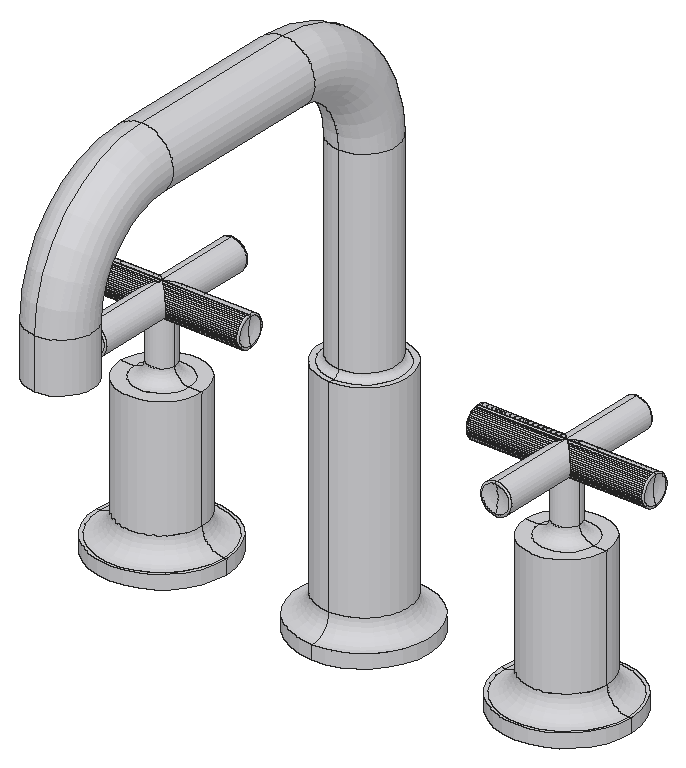
Revit family "Faucet-Deck_Mount-Bath-KOHLER-Purist-14428W", category Plumbing Fixtures, host Face, Revit 2017
Family settings
  Host = Face
  Round Connector Dimension = Use Diameter
  Part Type = Normal
  OmniClass Number = 23.31.11.00
  OmniClass Title = Faucets
  Cut with Voids When Loaded = No
  Shared = No
  Room Calculation Point = No
Parameters (values of type "Cross Handle, CP-Polished Chrome")
  Width [instance] = Faucet Hole Spacing  # 8"
  WaterSense Certified = 1 = 0  # no
  Waste Water Outlet = "Waste Water Outlet"  # constant formula
  Waste Connection = 1 = 0  # no
  Vent Connection = 1 = 0  # no
  URL = "https://www.kohler.co.uk/"
  Type = 1
  Spout Reach = 7 1/2"  # constant formula
  Product Page URL = "https://www.kohler.co.uk/taps/deck-mount/purist-2-handle-3-hole-deck-mount-bath-filler-cross-handle/"
  Product Name = "Purist"  # constant formula
  Product Documentation Link = "https://resources.kohler.com/plumbing/kohleruk/pdf/1396665-W4-A%20Purist%202-Handle%203%20Hole%20Deck-Mount%20Bath%20Filler%20Datasheet.pdf"
  Pressure = 0.00 psi
  Model = if(Type = 1, "14428W-3-CP", if(Type = 2, "14428W-4-CP", "NA"))  # "14428W-3-CP"
  Material = "Premium Metal Construction"  # constant formula
  Master Format 2014 Name = "Residential Faucets, Supplies, and Trim"  # constant formula
  Master Format 2014 = "22 41 39"  # constant formula
  Manufacturer Address = "Cromwell Road, Cheltenham, Gloucestershire. GL52 5EP Registered in England No. 252115"  # constant formula
  Manufacturer = "KOHLER Co."  # constant formula
  Lever Handle = Type = 2  # no
  Length = Spout Reach  # 7 1/2"
  Hot Water Inlet = "Hot Water Inlet"  # constant formula
  Height = 11 3/8"  # constant formula
  Handle Clearance = if(Lever Handle, 2 5/8", 3 1/2")  # 3 1/2"
  HW Connection = 1 = 1  # yes
  Flow Rate = 0 GPM
  Finish = Kohler-Metal-CP-Polished_Chrome
  Faucet Hole Spacing [instance] = 8"
  Environmental Product Declaration = ""
  Drain Included = 1 = 0  # no
  Dist = if(Cross Handle, 1 3/4", 0")  # 1 3/4"
  Description = if(Type = 1, "2-handle 3-hole deck-mount bath filler, cross handle", "2-handle 3-hole deck-mount bath filler, lever handle")  # "2-handle 3-hole deck-mount bath filler, cross handle"
  Default Elevation = 36"
  Declare Label = ""
  Date Modified = "07/30/2020"  # constant formula
  Date Created = "07/30/2020"  # constant formula
  Cross Handle = Type = 1  # yes
  Copyright = "Copyright KOHLER Co."  # constant formula
  Contact Us = "https://www.kohler.co.uk/support/contact/"
  Cold Water Inlet = "Cold Water Inlet"  # constant formula
  CW Connection = 1 = 1  # yes
  Assembly Code = "D2010"
  ADA Compliant = 1 = 0  # no
Types (3): name | Type | Product Page URL | Model | Lever Handle | Handle Clearance | Dist | Description | Cross Handle
  (no name) | 1 | "https://www.kohler.co.uk/taps/deck-mount/purist-2-handle-3-hole-deck-mount-bath-filler-cross-handle/" | "14428W-3-CP" | no | 3 1/2" | 1 3/4" | "2-handle 3-hole deck-mount bath filler, cross handle" | yes
  Cross Handle, CP-Polished Chrome | 1 | "https://www.kohler.co.uk/taps/deck-mount/purist-2-handle-3-hole-deck-mount-bath-filler-cross-handle/" | "14428W-3-CP" | no | 3 1/2" | 1 3/4" | "2-handle 3-hole deck-mount bath filler, cross handle" | yes
  Lever Handle, CP-Polished Chrome | 2 | "https://www.kohler.co.uk/taps/deck-mount/purist-2-handle-3-hole-deck-mount-bath-filler-lever-handle/" | "14428W-4-CP" | yes | 2 5/8" | 0" | "2-handle 3-hole deck-mount bath filler, lever handle" | no
Reference planes (in)
  plane 1 "Center (Front/Back)": y = 0
  plane 2: z = 0
  plane 3 "Center (Left/Right)": x = 0
  plane 4: x = -4
  plane 5: x = -2.25
  plane 6: x = -5.27994
  plane 7: x = -2.72006
  plane 8: x = 4
  plane 9: x = 2.25
  plane 10: x = 5.27994
  plane 11: x = 2.72006
  plane 12: y = 1.75211
  plane 13: y = 1.27865
  plane 14: y = -1.75211
  plane 15: y = -1.27865
  plane 16: y = -7.5
  plane 17: z = 7.755
  plane 18: z = 4.76199
  plane 19: x = -5.75
  plane 20: x = 5.75
  plane 21: y = -8.125
  plane 22: z = 11.375
  plane 23: x = -0.86224
  plane 24: x = -3.20009
  plane 25: x = -4.79991
  plane 26: x = 3.20009
  plane 27: x = 4.79991
  plane 28: x = -1.28
  plane 29: x = 0.86224
  plane 30: x = 1.28
  plane 31: y = 0.80012
  plane 32: y = -0.80012
  plane 33: x = -0.62564
  plane 34: x = 0.62564
  plane 35: z = 0.26693
Dimensions and locks (in)
  equal spacing: plane 6, plane 4, plane 7
  equal spacing: plane 11, plane 8, plane 10
  locked: plane 6 to plane 7 at 2.55988
  locked: plane 11 to plane 10 at 2.55988
  "Length": plane 16 to plane 1 "Center (Front/Back)"
  equal spacing: plane 4, plane 3 "Center (Left/Right)", plane 8
  "Faucet Hole Spacing": plane 4 to plane 8
  plane 18 to level = 4.76199"
  "Dist": plane 4 to plane 5
  "Dist": plane 8 to plane 9
  "Handle Clearance": plane 19 to plane 5
  "Handle Clearance": plane 20 to plane 9
  plane 17 to host face = 7.755"
  "Height": plane 22 to level
  "Spout Reach": plane 1 "Center (Front/Back)" to plane 16
  locked: plane 25 to plane 24 at 1.59982
  locked: plane 26 to plane 27 at 1.59982
  equal spacing: plane 25, plane 4, plane 24
  equal spacing: plane 26, plane 8, plane 27
  aligned and locked: plane 2 to host face
  aligned and locked: level to host face
  aligned and locked: nested 2 to plane 4
  aligned and locked: plane 8 to nested 3
Automatic sketch dimensions
  host sketch curve to host sketch curve = 96"  (x2)
Nested families (in)
  nested 1: "14428W" at (0, 0, 0), type "14428W"
  nested 2: "14428W_Handle" at (-4, 0, 0), type "14428W_Handle"
    with Lever Handle no
  nested 3: "14428W_Handle" at (4, 0, 0) x (-1, 0, 0) z (0, 0, 1), type "14428W_Handle"
    with Lever Handle no
Connectors (in)
  piping at (-4, 0, 0), diameter 0.5, driven by "Flow Rate", driven by "Pressure", driven by "HW Connection", driven by "Hot Water Inlet"
    settings: on nested 2, index 1, connector inside diameter 24", connector length 0", flow factor 0, pipe flow 0 GPM, pressure drop 0.00 psi, fitting loss kfactor 0, connector angle 0.00°, fixture units 0, engagement length 0", angle of deflection 0.00°, flow configuration 0, flow direction 1, fitting loss method 0, system type 19, joint type 0, gender type 0, connector reference index -1, connector utility 1, adjustable connector no, is connector primary yes, connector description "Hot Water Inlet"
  piping at (4, 0, 0), diameter 0.5, driven by "Flow Rate", driven by "Pressure", driven by "CW Connection", driven by "Cold Water Inlet"
    settings: on nested 3, index 2, connector inside diameter 24", connector length 0", flow factor 0, pipe flow 0 GPM, pressure drop 0.00 psi, fitting loss kfactor 0, connector angle 0.00°, fixture units 0, engagement length 0", angle of deflection 0.00°, flow configuration 0, flow direction 1, fitting loss method 0, system type 20, joint type 0, gender type 0, connector reference index -1, connector utility 1, adjustable connector no, is connector primary no, connector description "Cold Water Inlet"
Definition of nested family "14428W"
  Parameters (values of type "14428W")
    Material = none
  Reference planes (in)
    plane 1 "Center (Front/Back)": y = 0
    plane 2: z = 0
    plane 3 "Center (Left/Right)": x = 0
    plane 4: z = 11.37095
    plane 5: z = 10.1212
    plane 6: x = -1.28
    plane 7: x = 1.28
    plane 8: z = 11.37136
    plane 9: y = -7.49984
    plane 10: z = 7.755
    plane 11: z = 8.74396
    plane 12: y = -8.12563
    plane 13: y = 1.28
    plane 14: y = -1.28
    plane 15: z = 4.82497
  Forms (in)
    Revolve 1, solid, material <- "Material", detail levels medium+fine
      sketch origin (0, 0, 0) x (0, 1, 0) y (0, 0, 1)
        loop
          line (0, 0) -> (1.28, 0) -> (1.28, 0.2705)
          arc (1.28, 0.2705) -> (0.9859, 0.37957) -> (0.86225, 0.66784) r 0.39784
          line (0.86225, 0.66784) -> (0.86225, 4.74) -> (0.75455, 4.74)
          arc (0.75455, 4.74) -> (0.6634, 4.77776) -> (0.62564, 4.86891) r 0.12891
          line (0.62564, 4.86891) -> (0.62564, 5.10374) -> (0, 5.10374) -> (0, 0)
        axis (0, 5.10374) -> (0, 0)
      angle from 0 to 360
    Sweep 2, solid, material <- "Material", detail levels medium+fine
      path origin (0, 0, 0) x (0, 1, 0) y (0, 0, 1)
        loop
          line (0, 3.74531) -> (0, 8.74531)
          arc (0, 8.74531) -> (-0.58578, 10.15952) -> (-2, 10.74531) r 2
          line (-2, 10.74531) -> (-5.5, 10.74531)
          arc (-5.5, 10.74531) -> (-6.91421, 10.15952) -> (-7.5, 8.74531) r 2
          line (-7.5, 8.74531) -> (-7.5, 7.755)
      profile origin (0, -0.58578, 10.15952) x (0, -0.707107, -0.707107) y (1, 0, 0)
        loop
          circle (0, 0) r 0.62564
    Revolve 3, solid, material <- "Material", detail levels medium+fine
      sketch origin (0, 0, 0) x (0, 1, 0) y (0, 0, 1)
        loop
          line (0.7625, 1.09) -> (0.90042, 1.09)
          arc (0.90042, 1.09) -> (0.89043, 1.17711) -> (0.86216, 1.2601) r 0.41056
          arc (0.86216, 1.2601) -> (0.85014, 1.26853) -> (0.83683, 1.26233) r 0.01468
          line (0.83683, 1.26233) -> (0.8069, 1.21958) -> (0.7625, 1.21958) -> (0.7625, 1.09)
        axis (0.90042, 1.09) -> (0.7625, 1.09)
      angle from 0 to 360
    Revolve 4, solid, material <- "Material", detail levels coarse
      sketch origin (0, 0, 0) x (0, 1, 0) y (0, 0, 1)
        loop
          line (0, 0) -> (1.28, 0) -> (1.28, 0.2705) -> (0.85551, 0.2705) -> (0.85551, 4.74) -> (0.50064, 4.74) -> (0.50064, 6.08874) -> (0, 6.08874) -> (0, 0)
        axis (0, 6.08874) -> (0, 0)
      angle from 0 to 360
    Sweep 5, solid, material <- "Material", detail levels coarse
      path origin (0, 0, 0) x (0, 1, 0) y (0, 0, 1)
        loop
          line (0, 3.99) -> (0, 8.73394)
          arc (0, 8.73394) -> (-0.58922, 10.15644) -> (-2.01172, 10.74566) r 2.01172
          line (-2.01172, 10.74566) -> (-5.5, 10.74566)
          arc (-5.5, 10.74566) -> (-6.91421, 10.15987) -> (-7.5, 8.74566) r 2
          line (-7.5, 8.74566) -> (-7.5, 7.755)
      profile origin (0, 0, 6.36197) x (0, -1, 0) y (1, 0, 0)
        loop
          circle (0, 0) r 0.62564
  Cuts and joins
    joined: Revolve 4, Sweep 5
    joined: Revolve 1, Sweep 2
  Lines and regions (in)
    Masking region 1
      outline origin (0, 0, 0) x (0, 1, 0) y (0, 0, 1)
        loop
          line (0, 0) -> (1.28, 0) -> (1.28, 0.2705)
          arc (1.28, 0.2705) -> (0.999, 0.36721) -> (0.86224, 0.63105) r 0.40003
          line (0.86224, 0.63105) -> (0.86224, 0.92017)
          arc (0.86224, 0.92017) -> (0.89925, 1.09162) -> (0.86225, 1.26306) r 0.41561
          line (0.86225, 1.26306) -> (0.86225, 4.74) -> (0.74249, 4.74)
          arc (0.74249, 4.74) -> (0.67108, 4.76462) -> (0.62564, 4.82497) r 0.12918
          line (0.62564, 4.82497) -> (0.62564, 8.74617)
          arc (0.62564, 8.74617) -> (-0.14314, 10.60217) -> (-1.99914, 11.37095) r 2.62478
          line (-1.99914, 11.37095) -> (-5.49939, 11.37095)
          arc (-5.49939, 11.37095) -> (-7.35586, 10.60197) -> (-8.12484, 8.7455) r 2.62545
          line (-8.12484, 8.7455) -> (-8.12484, 7.755) -> (-6.87484, 7.755) -> (-6.87484, 8.74318)
          arc (-6.87484, 8.74318) -> (-6.47122, 9.71759) -> (-5.49681, 10.1212) r 1.37802
          line (-5.49681, 10.1212) -> (-1.99987, 10.1212)
          arc (-1.99987, 10.1212) -> (-1.02814, 9.7187) -> (-0.62564, 8.74697) r 1.37423
          line (-0.62564, 8.74697) -> (-0.62564, 4.82497)
          arc (-0.62564, 4.82497) -> (-0.67108, 4.76462) -> (-0.74249, 4.74) r 0.12918
          line (-0.74249, 4.74) -> (-0.86225, 4.74) -> (-0.86225, 0.63105)
          arc (-0.86225, 0.63105) -> (-0.999, 0.36721) -> (-1.28, 0.2705) r 0.40003
          line (-1.28, 0.2705) -> (-1.28, 0) -> (0, 0)
    Masking region 2
      outline origin (0, 0, 0) x (1, 0, 0) y (0, 0, 1)
        loop
          line (0, 0) -> (1.28, 0) -> (1.28, 0.2705)
          arc (1.28, 0.2705) -> (0.99321, 0.37065) -> (0.86363, 0.6454) r 0.39278
          line (0.86363, 0.6454) -> (0.86363, 4.74) -> (0.75038, 4.74)
          arc (0.75038, 4.74) -> (0.67491, 4.76326) -> (0.62564, 4.82497) r 0.13405
          line (0.62564, 4.82497) -> (0.62564, 10.74742)
          arc (0.62564, 10.74742) -> (0, 11.37306) -> (-0.62564, 10.74742) r 0.62564
          line (-0.62564, 10.74742) -> (-0.62564, 4.82497)
          arc (-0.62564, 4.82497) -> (-0.67491, 4.76326) -> (-0.75038, 4.74) r 0.13405
          line (-0.75038, 4.74) -> (-0.86363, 4.74) -> (-0.86363, 0.6454)
          arc (-0.86363, 0.6454) -> (-0.99321, 0.37065) -> (-1.28, 0.2705) r 0.39278
          line (-1.28, 0.2705) -> (-1.28, 0) -> (0, 0)
    Masking region 3
      outline origin (0, 0, 0) x (1, 0, 0) y (0, 1, 0)
        loop
          arc (0.62564, -1.11668) -> (0, 1.28) -> (-0.62564, -1.11668) r 1.28
          line (-0.62564, -1.11668) -> (-0.62564, -7.50063)
          arc (-0.62564, -7.50063) -> (0, -8.12627) -> (0.62564, -7.50063) r 0.62564
          line (0.62564, -7.50063) -> (0.62564, -1.11668)
    symbolic lines, detail levels medium+fine
      curve 1: line (0, -6.87484, 8.74396) -> (0, -8.12484, 8.74396)
      curve 2: line (0, 1.28, 0.2705) -> (0, -1.28, 0.2705)
      curve 3: line (0, 0.74249, 4.74) -> (0, -0.74249, 4.74)
      curve 4: line (-0.62564, 0, 8.74584) -> (0.62564, 0, 8.74584)
      curve 5: line (-0.62564, 0, 7.755) -> (0.62564, 0, 7.755)
      curve 6: line (0, 0, 4.74) -> (-0.86224, 0, 4.74)
      curve 7: line (0.86224, 0, 4.74) -> (0, 0, 4.74)
      curve 8: line (-1.28, 0, 0.2705) -> (1.28, 0, 0.2705)
      curve 9: arc (0.62564, -0.59333, 0) -> (0, 0.86225, 0) -> (-0.62564, -0.59333, 0) r 0.86224
      curve 10: arc (-0.62564, 0, 0) -> (0, 0.62564, 0) -> (0.62564, 0, 0) r 0.62564
      curve 11: line (0.62564, 0, 0) -> (0.62564, -1.11668, 0)
      curve 12: line (-0.62564, 0, 0) -> (-0.62564, -1.11668, 0)
      curve 13: arc (0, 0.86224, 0.92017) -> (0, 0.8426, 1.09162) -> (0, 0.86225, 1.26306) r 0.75796
  Dimensions and locks (in)
    aligned and locked: plane 2 to level
Definition of nested family "14428W_Handle"
  Parameters (values of type "14428M_Lever")
    Material = none
    Lever Handle = yes
    Croos Handle = yes
  Reference planes (in)
    plane 1 "Center (Front/Back)": y = 0
    plane 2: z = 0
    plane 3 "Center (Left/Right)": x = 0
    plane 4: x = -1.75183
    plane 5: x = 1.74997
    plane 6: x = -2.63856
    plane 7: x = -1.27994
    plane 8: x = 1.27994
    plane 9: z = 4.76199
    plane 10: y = 1.74997
    plane 11: y = 1.27994
    plane 12: y = -1.74997
    plane 13: y = -1.27994
  Forms (in)
    Revolve 1, solid, material <- "Material", detail levels medium+fine
      sketch origin (0, 0, 0) x (1, 0, 0) y (0, 0, 1)
        loop
          line (0, 0) -> (0, 4.312) -> (-0.26, 4.312) -> (-0.26, 3.342)
          arc (-0.26, 3.342) -> (-0.34201, 3.14401) -> (-0.54, 3.062) r 0.28
          line (-0.54, 3.062) -> (-0.8, 3.062) -> (-0.8, 0.69065)
          arc (-0.8, 0.69065) -> (-0.9232, 0.3932) -> (-1.22065, 0.27) r 0.42065
          line (-1.22065, 0.27) -> (-1.27994, 0.27) -> (-1.27994, 0) -> (0, 0)
        axis (0, 4.312) -> (0, 0)
      angle from 0 to 360
    Revolve 2, solid, material <- "Material", visible <- "Lever Handle", detail levels medium+fine
      sketch origin (0, 0, 0) x (1, 0, 0) y (0, 0, 1)
        loop
          line (-2.58806, 4.46162) -> (1.30202, 4.46162)
          arc (1.30202, 4.46162) -> (1.31516, 4.59815) -> (1.35009, 4.73078) r 0.84963
          arc (1.35009, 4.73078) -> (1.3471, 4.7521) -> (1.32798, 4.76199) r 0.02344
          line (1.32798, 4.76199) -> (-2.61401, 4.76199)
          arc (-2.61401, 4.76199) -> (-2.63314, 4.7521) -> (-2.63612, 4.73078) r 0.02344
          arc (-2.63612, 4.73078) -> (-2.60119, 4.59815) -> (-2.58806, 4.46162) r 0.84963
        axis (-2.63612, 4.46162) -> (1.35009, 4.46162)
      angle from 0 to 360
    Revolve 3, solid, material <- "Material", visible <- "Croos Handle", detail levels medium+fine
      sketch origin (0, 0, 0) x (1, 0, 0) y (0, 0, 1)
        loop
          line (0, 4.76199) -> (-1.72749, 4.76199)
          arc (-1.72749, 4.76199) -> (-1.74666, 4.75204) -> (-1.74955, 4.73064) r 0.02344
          arc (-1.74955, 4.73064) -> (-1.71448, 4.59837) -> (-1.70241, 4.46206) r 0.80184
          line (-1.70241, 4.46206) -> (1.7024, 4.46206)
          arc (1.7024, 4.46206) -> (1.71448, 4.59837) -> (1.74955, 4.73064) r 0.80184
          arc (1.74955, 4.73064) -> (1.74666, 4.75204) -> (1.72749, 4.76199) r 0.02344
          line (1.72749, 4.76199) -> (0, 4.76199)
        axis (-1.74955, 4.46206) -> (1.74955, 4.46206)
      angle from 0 to 360
    Revolve 4, solid, material <- "Material", visible <- "Croos Handle", detail levels medium+fine
      sketch origin (0, 0, 0) x (0, 1, 0) y (0, 0, 1)
        loop
          line (0, 4.76199) -> (-1.72749, 4.76199)
          arc (-1.72749, 4.76199) -> (-1.74666, 4.75204) -> (-1.74955, 4.73064) r 0.02344
          arc (-1.74955, 4.73064) -> (-1.71448, 4.59837) -> (-1.70241, 4.46206) r 0.80184
          line (-1.70241, 4.46206) -> (1.7024, 4.46206)
          arc (1.7024, 4.46206) -> (1.71448, 4.59837) -> (1.74955, 4.73064) r 0.80184
          arc (1.74955, 4.73064) -> (1.74666, 4.75204) -> (1.72749, 4.76199) r 0.02344
          line (1.72749, 4.76199) -> (0, 4.76199)
        axis (-1.74955, 4.46206) -> (1.74955, 4.46206)
      angle from 0 to 360
    Revolve 5, solid, material <- "Material", detail levels coarse
      sketch origin (0, 0, 0) x (1, 0, 0) y (0, 0, 1)
        loop
          line (0, 0) -> (0, 4.312) -> (-0.26, 4.312) -> (-0.26, 3.062) -> (-0.8, 3.062) -> (-0.8, 0.27) -> (-1.27994, 0.27) -> (-1.27994, 0) -> (0, 0)
        axis (0, 4.312) -> (0, 0)
      angle from 0 to 360
    Revolve 6, solid, material <- "Material", visible <- "Lever Handle", detail levels coarse
      sketch origin (0, 0, 0) x (1, 0, 0) y (0, 0, 1)
        loop
          line (-2.63648, 4.46162) -> (1.34178, 4.46162) -> (1.34178, 4.76199) -> (-2.63648, 4.76199) -> (-2.63648, 4.46162)
        axis (-2.63648, 4.46162) -> (1.34178, 4.46162)
      angle from 0 to 360
    Revolve 7, solid, material <- "Material", visible <- "Croos Handle", detail levels coarse
      sketch origin (0.00433, 0.00433, 0) x (0, -1, 0) y (0, 0, 1)
        loop
          line (1.74997, 4.46206) -> (1.74997, 4.76199) -> (-1.7413, 4.76199) -> (-1.7413, 4.46206) -> (1.74997, 4.46206)
        axis (-1.7413, 4.46206) -> (1.74997, 4.46206)
      angle from 0 to 360
    Revolve 8, solid, material <- "Material", visible <- "Croos Handle", detail levels medium+fine
      sketch origin (0, 0, 0) x (-1, 0, 0) y (0, 0, 1)
        loop
          line (0, 4.76199) -> (-1.72749, 4.76199)
          arc (-1.72749, 4.76199) -> (-1.74666, 4.75204) -> (-1.74955, 4.73064) r 0.02344
          arc (-1.74955, 4.73064) -> (-1.71448, 4.59837) -> (-1.70241, 4.46206) r 0.80184
          line (-1.70241, 4.46206) -> (1.7024, 4.46206)
          arc (1.7024, 4.46206) -> (1.71448, 4.59837) -> (1.74955, 4.73064) r 0.80184
          arc (1.74955, 4.73064) -> (1.74666, 4.75204) -> (1.72749, 4.76199) r 0.02344
          line (1.72749, 4.76199) -> (0, 4.76199)
        axis (-1.74955, 4.46206) -> (1.74955, 4.46206)
      angle from 0 to 360
    Revolve 9, solid, material <- "Material", visible <- "Croos Handle", detail levels coarse
      sketch origin (0, 0, 0) x (1, 0, 0) y (0, 0, 1)
        loop
          line (1.74997, 4.46206) -> (1.74997, 4.76199) -> (-1.7413, 4.76199) -> (-1.7413, 4.46206) -> (1.74997, 4.46206)
        axis (-1.7413, 4.46206) -> (1.74997, 4.46206)
      angle from 0 to 360
    Extrusion 10, solid, material <- "Material", detail levels medium+fine
      sketch origin (0, 0, 0) x (1, 0, 0) y (0, 1, 0)
        loop
          circle (0, 0) r 0.25
      from 0 to 0.12087
  Lines and regions (in)
    Masking region 1
      outline origin (0, 0, 0) x (1, 0, 0) y (0, 0, 1)
        loop
          line (0, 0) -> (1.27994, 0) -> (1.27994, 0.27)
          arc (1.27994, 0.27) -> (0.93456, 0.38349) -> (0.79998, 0.72122) r 0.42945
          line (0.79998, 0.72122) -> (0.79998, 3.06216) -> (-0.79998, 3.06216) -> (-0.79998, 0.72122)
          arc (-0.79998, 0.72122) -> (-0.93456, 0.38349) -> (-1.27994, 0.27) r 0.42945
          line (-1.27994, 0.27) -> (-1.27994, 0) -> (0, 0)
    Masking region 2, visible <- "Croos Handle"
      outline origin (0, 0, 0) x (1, 0, 0) y (0, 0, 1)
        loop
          line (-0.26002, 4.16131) -> (-0.26002, 3.34142)
          arc (-0.26002, 3.34142) -> (-0.34181, 3.14395) -> (-0.53927, 3.06216) r 0.27926
          line (-0.53927, 3.06216) -> (0.53927, 3.06216)
          arc (0.53927, 3.06216) -> (0.34181, 3.14395) -> (0.26002, 3.34142) r 0.27926
          line (0.26002, 3.34142) -> (0.26002, 4.16131) -> (1.73221, 4.16131)
          arc (1.73221, 4.16131) -> (1.74608, 4.16705) -> (1.75183, 4.18093) r 0.01962
          line (1.75183, 4.18093) -> (1.75183, 4.74225)
          arc (1.75183, 4.74225) -> (1.74605, 4.75621) -> (1.73209, 4.76199) r 0.01974
          line (1.73209, 4.76199) -> (-1.73209, 4.76199)
          arc (-1.73209, 4.76199) -> (-1.74605, 4.75621) -> (-1.75183, 4.74225) r 0.01974
          line (-1.75183, 4.74225) -> (-1.75183, 4.18093)
          arc (-1.75183, 4.18093) -> (-1.74608, 4.16705) -> (-1.73221, 4.16131) r 0.01962
          line (-1.73221, 4.16131) -> (-0.26002, 4.16131)
    Masking region 3, visible <- "Croos Handle"
      outline origin (0, -0.00024, 0.00073) x (0, 1, 0) y (0, 0, 1)
        loop
          line (0.26023, 4.16143) -> (1.73242, 4.16143)
          arc (1.73242, 4.16143) -> (1.7463, 4.16718) -> (1.75204, 4.18105) r 0.01962
          line (1.75204, 4.18105) -> (1.75204, 4.74237)
          arc (1.75204, 4.74237) -> (1.74626, 4.75633) -> (1.7323, 4.76212) r 0.01974
          line (1.7323, 4.76212) -> (-1.73188, 4.76212)
          arc (-1.73188, 4.76212) -> (-1.74584, 4.75633) -> (-1.75162, 4.74237) r 0.01974
          line (-1.75162, 4.74237) -> (-1.75162, 4.18105)
          arc (-1.75162, 4.18105) -> (-1.74587, 4.16718) -> (-1.732, 4.16143) r 0.01962
          line (-1.732, 4.16143) -> (-0.25981, 4.16143) -> (-0.25981, 3.34068)
          arc (-0.25981, 3.34068) -> (-0.3416, 3.14322) -> (-0.53906, 3.06143) r 0.27926
          line (-0.53906, 3.06143) -> (0.53949, 3.06143)
          arc (0.53949, 3.06143) -> (0.34202, 3.14322) -> (0.26023, 3.34068) r 0.27926
          line (0.26023, 3.34068) -> (0.26023, 4.16143)
    Masking region 4
      outline origin (0, 0, 0) x (0, 1, 0) y (0, 0, 1)
        loop
          line (0, 0) -> (1.27994, 0) -> (1.27994, 0.27)
          arc (1.27994, 0.27) -> (0.93456, 0.38349) -> (0.79999, 0.72122) r 0.42945
          line (0.79999, 0.72122) -> (0.79999, 3.06216) -> (-0.79998, 3.06216) -> (-0.79998, 0.72122)
          arc (-0.79998, 0.72122) -> (-0.93456, 0.38349) -> (-1.27994, 0.27) r 0.42945
          line (-1.27994, 0.27) -> (-1.27994, 0) -> (0, 0)
    Masking region 5, visible <- "Lever Handle"
      outline origin (0, 0, 0) x (1, 0, 0) y (0, 0, 1)
        loop
          line (-0.26002, 4.16131) -> (-0.26002, 3.34142)
          arc (-0.26002, 3.34142) -> (-0.34181, 3.14395) -> (-0.53927, 3.06216) r 0.27926
          line (-0.53927, 3.06216) -> (0.53927, 3.06216)
          arc (0.53927, 3.06216) -> (0.34181, 3.14395) -> (0.26002, 3.34142) r 0.27926
          line (0.26002, 3.34142) -> (0.26002, 4.16131) -> (1.33291, 4.16131)
          arc (1.33291, 4.16131) -> (1.34678, 4.16705) -> (1.35253, 4.18093) r 0.01962
          line (1.35253, 4.18093) -> (1.35253, 4.74225)
          arc (1.35253, 4.74225) -> (1.34675, 4.75621) -> (1.33279, 4.76199) r 0.01974
          line (1.33279, 4.76199) -> (-2.61883, 4.76199)
          arc (-2.61883, 4.76199) -> (-2.63279, 4.75621) -> (-2.63857, 4.74225) r 0.01974
          line (-2.63857, 4.74225) -> (-2.63857, 4.18093)
          arc (-2.63857, 4.18093) -> (-2.63283, 4.16705) -> (-2.61895, 4.16131) r 0.01962
          line (-2.61895, 4.16131) -> (-0.26002, 4.16131)
    Masking region 6, visible <- "Croos Handle"
      outline origin (0, 0, 0) x (1, 0, 0) y (0, 1, 0)
        loop
          arc (-0.30002, 1.24428) -> (-0.90482, 0.90528) -> (-1.24413, 0.30065) r 1.27994
          line (-1.24413, 0.30065) -> (-1.73228, 0.30065)
          arc (-1.73228, 0.30065) -> (-1.74619, 0.29489) -> (-1.75195, 0.28098) r 0.01967
          line (-1.75195, 0.28098) -> (-1.75195, 0) -> (-1.75195, -0.28098)
          arc (-1.75195, -0.28098) -> (-1.74619, -0.29489) -> (-1.73228, -0.30065) r 0.01967
          line (-1.73228, -0.30065) -> (-1.24413, -0.30065)
          arc (-1.24413, -0.30065) -> (-0.90482, -0.90528) -> (-0.30002, -1.24428) r 1.27994
          line (-0.30002, -1.24428) -> (-0.30002, -1.73245)
          arc (-0.30002, -1.73245) -> (-0.29426, -1.74635) -> (-0.28035, -1.75211) r 0.01966
          line (-0.28035, -1.75211) -> (0, -1.75211) -> (0.28035, -1.75211)
          arc (0.28035, -1.75211) -> (0.29426, -1.74635) -> (0.30002, -1.73245) r 0.01966
          line (0.30002, -1.73245) -> (0.30002, -1.24428)
          arc (0.30002, -1.24428) -> (0.90482, -0.90528) -> (1.24413, -0.30065) r 1.27994
          line (1.24413, -0.30065) -> (1.73228, -0.30065)
          arc (1.73228, -0.30065) -> (1.74619, -0.29489) -> (1.75195, -0.28098) r 0.01967
          line (1.75195, -0.28098) -> (1.75195, 0) -> (1.75195, 0.28098)
          arc (1.75195, 0.28098) -> (1.74619, 0.29489) -> (1.73228, 0.30065) r 0.01967
          line (1.73228, 0.30065) -> (1.24413, 0.30065)
          arc (1.24413, 0.30065) -> (0.90482, 0.90528) -> (0.30002, 1.24428) r 1.27994
          line (0.30002, 1.24428) -> (0.30002, 1.73245)
          arc (0.30002, 1.73245) -> (0.29426, 1.74635) -> (0.28035, 1.75211) r 0.01966
          line (0.28035, 1.75211) -> (0, 1.75211) -> (-0.28035, 1.75211)
          arc (-0.28035, 1.75211) -> (-0.29426, 1.74635) -> (-0.30002, 1.73245) r 0.01966
          line (-0.30002, 1.73245) -> (-0.30002, 1.24428)
    Masking region 7, visible <- "Lever Handle"
      outline origin (0, 0, 0) x (1, 0, 0) y (0, 1, 0)
        loop
          line (-1.24413, 0.30065) -> (-2.61889, 0.30065)
          arc (-2.61889, 0.30065) -> (-2.6328, 0.29489) -> (-2.63856, 0.28098) r 0.01967
          line (-2.63856, 0.28098) -> (-2.63856, 0) -> (-2.63856, -0.28098)
          arc (-2.63856, -0.28098) -> (-2.6328, -0.29489) -> (-2.61889, -0.30065) r 0.01967
          line (-2.61889, -0.30065) -> (-1.24413, -0.30065)
          arc (-1.24413, -0.30065) -> (0, -1.27994) -> (1.24413, -0.30065) r 1.27994
          line (1.24413, -0.30065) -> (1.33287, -0.30065)
          arc (1.33287, -0.30065) -> (1.34677, -0.29489) -> (1.35254, -0.28098) r 0.01967
          line (1.35254, -0.28098) -> (1.35254, 0) -> (1.35254, 0.28098)
          arc (1.35254, 0.28098) -> (1.34677, 0.29489) -> (1.33287, 0.30065) r 0.01967
          line (1.33287, 0.30065) -> (1.24413, 0.30065)
          arc (1.24413, 0.30065) -> (0, 1.27994) -> (-1.24413, 0.30065) r 1.27994
    Masking region 8, visible <- "Lever Handle"
      outline origin (0, 0, 0) x (0, 1, 0) y (0, 0, 1)
        loop
          arc (0.26, 4.31252) -> (0, 4.76199) -> (-0.26, 4.31252) r 0.29994
          line (-0.26, 4.31252) -> (-0.26, 3.3446)
          arc (-0.26, 3.3446) -> (-0.34277, 3.14477) -> (-0.5426, 3.062) r 0.2826
          line (-0.5426, 3.062) -> (0.5426, 3.062)
          arc (0.5426, 3.062) -> (0.34277, 3.14477) -> (0.26, 3.3446) r 0.2826
          line (0.26, 3.3446) -> (0.26, 4.31252)
    symbolic lines, visible <- "Croos Handle", detail levels medium+fine
      curve 1: circle (0, 0, 4.46206) r 0.29994 normal (0, -1, 0)
      curve 2: circle (0, 0, 4.46206) r 0.26973 normal (0, 1, 0)
      curve 3: circle (0, 0, 4.46162) r 0.30037 normal (-1, 0, 0)
      curve 4: circle (0, 0, 4.46162) r 0.27016 normal (1, 0, 0)
      curve 5: line (-0.30064, 1.24413, 0) -> (-0.30064, 0.30269, 0)
      curve 6: line (-0.30064, 0.30269, 0) -> (-1.24363, 0.30269, 0)
      curve 7: line (0.30064, 1.24413, 0) -> (0.30064, 0.30269, 0)
      curve 8: line (0.30064, 0.30269, 0) -> (1.24363, 0.30269, 0)
      curve 9: line (-0.30064, -1.24413, 0) -> (-0.30064, -0.30269, 0)
      curve 10: line (-0.30064, -0.30269, 0) -> (-1.24363, -0.30269, 0)
      curve 11: line (0.30064, -1.24413, 0) -> (0.30064, -0.30269, 0)
      curve 12: line (0.30064, -0.30269, 0) -> (1.24363, -0.30269, 0)
      curve 13: arc (0.30064, 0.74136, 0) -> (0.5649, 0.56647, 0) -> (0.74053, 0.30269, 0) r 0.8
      curve 14: arc (0.74053, -0.30269, 0) -> (0.5649, -0.56647, 0) -> (0.30064, -0.74136, 0) r 0.8
      curve 15: arc (-0.74053, 0.30269, 0) -> (-0.5649, 0.56647, 0) -> (-0.30064, 0.74136, 0) r 0.8
      curve 16: arc (-0.30064, -0.74136, 0) -> (-0.5649, -0.56647, 0) -> (-0.74053, -0.30269, 0) r 0.8
      curve 21: line (-0.26002, 0, 4.16131) -> (-0.18394, 0, 4.22514)
      curve 22: line (0.26002, 0, 4.16131) -> (0.18394, 0, 4.22514)
      curve 25: line (0, 0.25999, 4.16216) -> (0, 0.18367, 4.22396)
      curve 26: line (0, -0.25999, 4.16216) -> (0, -0.18367, 4.22396)
      curve 27: line (-0.30064, 0.30269, 0) -> (0.30064, -0.30269, 0)
      curve 28: line (-0.30064, -0.30269, 0) -> (0.30064, 0.30269, 0)
    symbolic lines, visible <- "Lever Handle", detail levels medium+fine
      curve 17: arc (-0.74161, 0.30002, 0) -> (0, 0.8, 0) -> (0.74161, 0.30002, 0) r 0.8
      curve 18: arc (0.74259, -0.29758, 0) -> (0, -0.8, 0) -> (-0.74259, -0.29758, 0) r 0.8
      curve 19: line (1.24486, 0.30002, 0) -> (-1.24428, 0.30002, 0)
      curve 20: line (1.24486, -0.29758, 0) -> (-1.24487, -0.29758, 0)
      curve 29: arc (-0.26002, 0, 4.16131) -> (0, 0, 4.28278) -> (0.26002, 0, 4.16131) r 0.33904
      curve 30: arc (0, 0.26, 4.31252) -> (0, 0, 4.16212) -> (0, -0.26, 4.31252) r 0.29994
    symbolic lines, detail levels medium+fine
      curve 23: line (-1.22871, 0, 0.26693) -> (1.22871, 0, 0.26693)
      curve 24: line (0, 1.22871, 0.26693) -> (0, -1.22871, 0.26693)
  Dimensions and locks (in)
    aligned and locked: plane 2 to level
